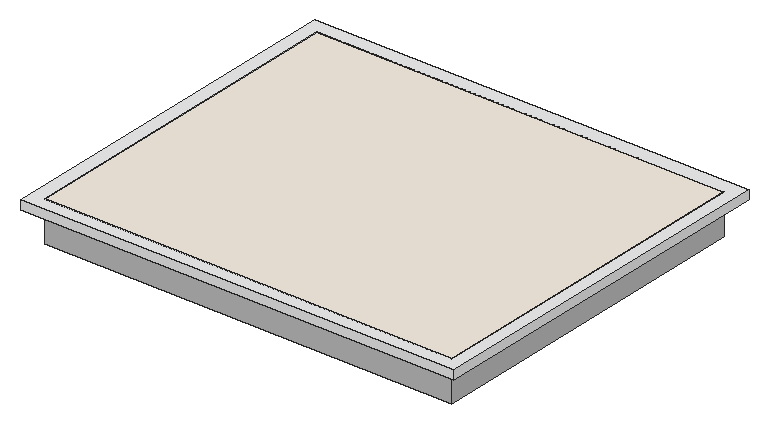
Revit family "Lighting-Industriale-GEWISS-ELIA-HL-LED_RIFLETTORE", category Apparecchi per illuminazione, host Superficie, Revit 2019 (continued)
Types (12, lengths in mm): name | Tensione | Scheda Tecnica | Potenza di sistema | Peso (kg): | Peso (kg) | Ottica | built-in parameter 1150142 | Lumen output (lm) | Modello | IDT | File diagramma fotometrico | Description
    \n15676.76 15460.93 15242.31 15018.11 14788.35 14546.06 \r\n14289.84 14014.12 13723.09 13418.13 13103.43 12785.94 \r\n12471.23 12163.49 11859.92 11559.14 11262.54 10967.33 \r\n10672.12 10378.30 10091.45 9814.34 9541.41 9268.48 \r\n8999.73 8735.15 8476.15 8225.50 7983.20 7747.87 7516.72 \r\n7291.13 7068.33 6851.10 6636.66 6424.99 6211.94 6000.28 \r\n5788.62 5582.53 5377.84 5180.10 4986.54 4804.13 4627.28 \r\n4453.22 4283.33 4117.62 3957.49 3808.49 3665.06 3527.20 \r\n3394.92 3266.81 3144.27 3027.30 2914.50 2804.91 2699.64 \r\n2600.22 2504.13 2408.89 2316.84 2230.78 2147.79 2065.36 \r\n1984.31 1903.13 1824.73 1752.74 1684.65 1618.22 1554.87 \r\n1495.96 1439.85 1384.98 1331.93 1281.24 1232.78 1185.85 \r\n1141.01 1098.54 1058.44 1020.56 984.50 949.96 916.26 \r\n882.57 849.29 816.01 783.70 754.04 726.33 701.68 677.87 \r\n653.22 627.60 599.47 571.90 547.67 525.39 504.64 485.15 \r\n466.21 447.83 430.28 414.83 403.41 393.94 384.61 375.28 \r\n366.37 354.95 336.29 315.40 297.44 279.27 259.77 238.77 \r\n215.22 190.51 165.50 140.68 116.79 93.97 72.19 52.66 \r\n36.62 23.96 15.23 9.48 5.89 4.72 \r\n20514.31 20512.92 20504.56 20492.03 20472.54 20447.47 \r\n20416.84 20383.42 20345.82 20304.04 20256.70 20206.57 \r\n20152.26 20092.38 20029.72 19965.67 19896.04 19825.02 \r\n19751.22 19670.45 19589.69 19507.53 19422.59 19332.08 \r\n19237.39 19138.52 19034.08 18922.68 18807.10 18688.74 \r\n18564.81 18436.70 18305.81 18169.34 18030.09 17893.63 \r\n17755.77 17615.13 17471.70 17325.49 17175.10 17021.92 \r\n16861.78 16687.72 16502.52 16310.35 16108.44 15900.96 \r\n15687.90 15472.07 15252.05 15029.25 14798.10 14557.20 \r\n14300.98 14025.26 13734.23 13427.88 13115.96 12799.86 \r\n12485.16 12177.41 11872.46 11571.68 11273.68 10977.08 \r\n10681.87 10388.05 10099.80 9822.69 9549.76 9278.23 \r\n9008.08 8742.11 8483.11 8232.46 7988.77 7750.66 7519.50 \r\n7291.13 7068.33 6851.10 6635.26 6420.82 6210.55 5997.50 \r\n5787.23 5579.75 5376.44 5177.32 4985.15 4802.73 4625.89 \r\n4450.43 4280.55 4113.44 3954.70 3804.31 3663.67 3524.42 \r\n3392.13 3265.41 3141.48 3024.51 2911.72 2801.43 2695.46 \r\n2595.62 2499.12 2403.59 2311.55 2225.49 2142.64 2060.62 \r\n1980.00 1899.23 1821.53 1749.95 1682.00 1615.44 1552.22 \r\n1493.46 1437.48 1382.33 1329.00 1278.73 1230.27 1183.76 \r\n1139.07 1096.45 1056.21 1018.20 982.27 947.87 914.45 \r\n881.17 848.03 814.61 782.45 752.65 725.07 700.15 676.20 \r\n651.69 626.35 598.77 571.48 547.39 525.11 504.36 484.59 \r\n465.23 447.13 429.73 414.41 403.69 394.50 384.61 374.58 \r\n365.11 353.14 334.76 314.43 296.60 278.37 258.68 237.55 \r\n214.31 189.98 165.11 140.36 116.59 93.84 72.01 52.43 \r\n36.48 23.91 15.22 9.51 5.92 4.74 \r\n20514.31 20512.92 20504.56 20492.03 20472.54 20447.47 \r\n20416.84 20384.81 20345.82 20304.04 20259.48 20207.96 \r\n20153.65 20093.78 20031.11 19965.67 19898.83 19827.81 \r\n19754.01 19676.03 19593.87 19511.71 19426.77 19336.26 \r\n19241.56 19142.70 19038.26 18926.86 18811.28 18692.92 \r\n18567.60 18442.27 18311.38 18174.91 18037.05 17900.59 \r\n17762.73 17622.09 17478.66 17332.45 17183.45 17031.67 \r\n16870.14 16696.08 16510.87 16318.71 16119.58 15912.10 \r\n15700.44 15484.60 15265.98 15040.39 14810.63 14569.73 \r\n14312.11 14036.40 13745.37 13441.80 13128.49 12813.79 \r\n12501.86 12192.73 11887.77 11584.21 11283.43 10986.83 \r\n10691.61 10399.19 10109.55 9832.44 9559.51 9286.58 \r\n9017.83 8751.86 8491.47 8239.42 7992.95 7754.83 7520.89 \r\n7292.52 7068.33 6848.32 6632.48 6419.43 6206.37 5996.11 \r\n5785.84 5578.36 5373.66 5175.92 4983.76 4801.34 4624.49 \r\n4450.43 4279.15 4113.44 3953.31 3804.31 3660.88 3523.03 \r\n3390.74 3264.02 3140.09 3021.73 2908.93 2798.93 2692.40 \r\n2591.72 2494.80 2399.00 2306.82 2220.90 2138.18 2056.58 \r\n1976.24 1896.17 1819.16 1747.87 1679.91 1613.49 1550.13 \r\n1491.51 1435.53 1380.25 1326.91 1276.64 1228.60 1182.09 \r\n1137.67 1095.06 1054.40 1016.53 980.46 946.20 913.06 \r\n880.06 847.34 813.92 781.47 751.81 723.96 698.90 674.67 \r\n650.16 625.23 598.08 571.34 547.53 525.11 504.09 484.17 \r\n464.68 446.30 429.31 414.41 403.96 394.77 384.47 373.89 \r\n363.72 351.33 333.23 313.31 295.63 277.30 257.43 236.14 \r\n213.25 189.34 164.61 139.92 116.25 93.56 71.70 52.11 \r\n36.27 23.83 15.20 9.52 5.94 4.75 \r\n20514.31 20512.92 20505.95 20492.03 20473.93 20448.86 \r\n20418.23 20384.81 20348.60 20306.83 20259.48 20209.35 \r\n20155.05 20096.56 20033.90 19968.45 19901.61 19831.99 \r\n19756.79 19678.81 19599.44 19517.28 19430.95 19340.43 \r\n19245.74 19146.88 19041.05 18929.65 18815.46 18697.10 \r\n18573.17 18446.45 18316.95 18181.87 18044.01 17907.55 \r\n17771.09 17630.44 17488.41 17342.20 17193.20 17040.02 \r\n16881.28 16705.82 16522.01 16331.24 16132.11 15924.63 \r\n15714.36 15498.53 15278.51 15054.32 14823.16 14580.87 \r\n14326.04 14048.93 13759.29 13455.73 13143.81 12830.50 \r\n12517.18 12209.44 11901.70 11596.74 11295.96 10997.97 \r\n10702.76 10407.55 10119.30 9842.19 9570.65 9296.33 \r\n9026.19 8760.22 8499.82 8246.39 7999.91 7759.01 7523.68 \r\n7292.52 7066.94 6846.92 6628.30 6415.25 6203.59 5991.93 \r\n5783.05 5575.57 5373.66 5174.53 4982.37 4801.34 4624.49 \r\n4451.82 4280.55 4112.05 3953.31 3804.31 3660.88 3523.03 \r\n3390.74 3262.63 3140.09 3020.33 2906.15 2796.14 2690.03 \r\n2588.80 2491.18 2395.10 2302.78 2217.00 2134.56 2052.96 \r\n1972.89 1893.80 1817.49 1746.33 1678.66 1612.24 1549.02 \r\n1490.25 1434.28 1378.71 1325.24 1275.11 1227.21 1181.12 \r\n1136.98 1094.09 1053.29 1015.13 978.93 944.81 911.81 \r\n879.22 846.78 813.50 781.05 751.25 723.40 697.78 673.27 \r\n648.77 623.98 597.38 571.34 547.67 525.53 504.22 484.03 \r\n464.26 445.60 428.61 414.27 404.10 395.33 384.61 373.19 \r\n362.19 349.38 331.55 312.20 294.51 276.20 256.03 234.58 \r\n212.05 188.59 163.99 139.38 115.76 93.13 71.28 51.72 \r\n36.01 23.71 15.16 9.52 5.96 4.76 \r\n20514.31 20512.92 20505.95 20492.03 20473.93 20448.86 \r\n20419.62 20386.20 20348.60 20306.83 20262.27 20212.14 \r\n20156.44 20096.56 20036.68 19972.63 19905.79 19836.16 \r\n19760.97 19685.77 19603.62 19521.46 19435.12 19344.61 \r\n19249.92 19149.66 19045.22 18935.22 18819.64 18701.28 \r\n18578.74 18452.02 18323.91 18188.84 18052.37 17917.30 \r\n17779.44 17640.19 17498.15 17351.94 17202.95 17049.77 \r\n16891.03 16715.57 16533.15 16342.38 16146.04 15939.95 \r\n15728.29 15513.84 15292.44 15068.24 14837.09 14594.79 \r\n14338.57 14062.86 13773.22 13469.65 13159.13 12847.21 \r\n12535.29 12224.76 11915.62 11609.27 11305.71 11006.32 \r\n10711.11 10418.69 10130.44 9853.33 9579.01 9304.69 \r\n9034.54 8769.97 8509.57 8254.74 8005.48 7761.80 7525.07 \r\n7292.52 7065.55 6842.74 6625.52 6411.07 6199.41 5990.53 \r\n5781.66 5574.18 5372.27 5173.14 4980.97 4801.34 4625.89 \r\n4451.82 4279.15 4113.44 3953.31 3804.31 3662.28 3524.42 \r\n3392.13 3264.02 3140.09 3020.33 2906.15 2794.75 2688.78 \r\n2586.71 2488.40 2392.04 2299.71 2213.80 2131.50 2050.04 \r\n1970.39 1891.85 1816.38 1745.50 1677.82 1611.54 1548.18 \r\n1489.56 1433.44 1377.74 1324.27 1274.14 1226.37 1180.56 \r\n1136.56 1093.53 1052.59 1014.02 977.95 943.84 910.83 \r\n878.53 846.36 813.36 780.91 751.11 722.99 697.09 672.16 \r\n647.51 622.87 596.96 571.48 548.23 526.09 504.50 483.75 \r\n463.70 444.90 428.19 414.27 404.38 395.47 384.61 372.63 \r\n360.80 347.29 329.74 310.81 293.26 274.94 254.51 232.90 \r\n210.74 187.72 163.28 138.71 115.16 92.57 70.75 51.26 \r\n35.72 23.58 15.11 9.51 5.97 4.78 \r\n20514.31 20512.92 20505.95 20492.03 20473.93 20450.26 \r\n20421.01 20387.59 20351.39 20309.61 20263.66 20212.14 \r\n20156.44 20099.35 20038.08 19975.41 19909.97 19840.34 \r\n19766.54 19689.95 19609.19 19527.03 19440.69 19348.79 \r\n19252.70 19153.84 19048.01 18938.00 18823.81 18705.45 \r\n18585.70 18460.37 18330.87 18195.80 18060.73 17925.65 \r\n17789.19 17649.94 17506.51 17361.69 17212.69 17060.91 \r\n16899.38 16726.71 16544.29 16354.91 16158.57 15953.87 \r\n15743.60 15527.77 15306.36 15083.56 14851.01 14610.11 \r\n14353.89 14078.18 13788.54 13486.36 13177.23 12866.70 \r\n12554.78 12241.47 11932.33 11621.81 11315.46 11016.07 \r\n10720.86 10428.43 10140.19 9863.08 9588.76 9315.83 \r\n9044.29 8779.71 8519.32 8261.70 8012.44 7767.36 7527.86 \r\n7292.52 7064.15 6839.96 6621.34 6406.89 6195.23 5986.36 \r\n5778.88 5572.78 5369.48 5171.74 4980.97 4801.34 4627.28 \r\n4453.22 4281.94 4114.84 3954.70 3804.31 3662.28 3524.42 \r\n3393.52 3264.02 3140.09 3020.33 2906.15 2796.14 2688.08 \r\n2585.45 2486.31 2389.81 2297.35 2211.43 2128.99 2047.67 \r\n1968.16 1890.60 1815.68 1745.22 1677.41 1611.40 1548.04 \r\n1489.28 1433.02 1377.18 1323.57 1273.44 1225.96 1180.56 \r\n1136.56 1093.53 1052.03 1013.46 977.12 942.86 910.00 \r\n878.11 846.22 813.36 781.19 751.39 722.99 696.53 670.91 \r\n646.26 621.75 596.55 571.90 548.92 526.78 504.92 483.89 \r\n463.28 444.35 427.92 414.13 404.66 395.75 384.47 371.94 \r\n359.27 345.34 328.07 309.55 292.01 273.65 252.89 231.09 \r\n209.31 186.73 162.45 137.94 114.44 91.91 70.15 50.76 \r\n35.38 23.42 15.04 9.48 5.98 4.79 \r\n20514.31 20512.92 20505.95 20492.03 20473.93 20450.26 \r\n20421.01 20387.59 20351.39 20311.01 20266.45 20213.53 \r\n20159.22 20103.52 20042.25 19979.59 19914.14 19844.52 \r\n19772.11 19695.52 19616.15 19532.60 19444.87 19354.36 \r\n19258.28 19158.01 19052.19 18943.57 18827.99 18711.02 \r\n18589.88 18467.34 18337.83 18204.15 18069.08 17935.40 \r\n17798.94 17658.29 17516.26 17371.44 17223.83 17070.66 \r\n16910.52 16737.85 16554.04 16367.45 16172.50 15969.19 \r\n15758.92 15543.09 15323.07 15097.49 14866.33 14625.43 \r\n14369.21 14093.49 13803.85 13503.07 13193.94 12884.80 \r\n12572.88 12259.57 11946.26 11634.34 11326.60 11025.82 \r\n10729.21 10436.79 10149.93 9872.83 9599.90 9325.57 \r\n9052.64 8788.07 8527.67 8268.66 8016.62 7770.15 7527.86 \r\n7292.52 7061.37 6835.78 6615.77 6402.72 6191.06 5982.18 \r\n5776.09 5571.39 5368.09 5170.35 4979.58 4801.34 4627.28 \r\n4453.22 4283.33 4116.23 3956.09 3805.70 3663.67 3527.20 \r\n3394.92 3266.81 3140.09 3020.33 2906.15 2795.44 2688.22 \r\n2584.90 2485.06 2388.28 2295.95 2209.76 2127.18 2045.86 \r\n1966.63 1889.76 1815.68 1745.36 1677.68 1611.54 1548.32 \r\n1489.42 1433.02 1377.04 1323.43 1273.44 1225.96 1180.70 \r\n1136.98 1093.81 1052.17 1013.18 976.56 942.30 909.58 \r\n877.69 846.22 813.64 781.61 751.81 723.26 696.11 670.07 \r\n645.01 620.78 596.13 572.18 549.62 527.48 505.34 483.89 \r\n463.01 444.07 427.64 413.99 404.66 396.03 384.33 371.24 \r\n357.87 343.25 326.26 308.16 290.61 272.22 251.15 229.19 \r\n207.79 185.65 161.50 137.05 113.60 91.11 69.47 50.21 \r\n35.04 23.26 14.96 9.46 5.98 4.80 \r\n20514.31 20512.92 20505.95 20493.42 20475.32 20450.26 \r\n20421.01 20388.99 20354.17 20313.79 20266.45 20216.31 \r\n20162.01 20104.92 20045.04 19983.77 19918.32 19848.70 \r\n19776.28 19701.09 19621.72 19538.17 19450.44 19358.53 \r\n19262.45 19162.19 19056.36 18946.35 18833.56 18716.59 \r\n18596.84 18471.51 18344.80 18213.90 18077.44 17943.76 \r\n17808.68 17668.04 17526.01 17381.19 17233.58 17081.80 \r\n16921.66 16747.60 16566.57 16381.37 16186.42 15984.51 \r\n15774.24 15558.40 15338.39 15114.20 14880.25 14639.35 \r\n14384.53 14110.20 13820.56 13519.78 13210.65 12902.91 \r\n12592.38 12276.28 11961.58 11645.48 11334.95 11034.17 \r\n10736.18 10445.14 10158.29 9882.57 9608.25 9333.93 \r\n9062.39 8796.42 8534.63 8275.63 8022.19 7771.54 7529.25 \r\n7291.13 7058.58 6833.00 6611.59 6395.75 6185.49 5978.00 \r\n5773.31 5568.61 5365.30 5168.96 4979.58 4801.34 4628.67 \r\n4456.00 4284.72 4119.02 3958.88 3809.88 3666.45 3528.60 \r\n3397.70 3268.20 3142.87 3023.12 2907.54 2795.86 2689.06 \r\n2584.90 2484.64 2387.58 2295.12 2208.78 2126.07 2044.61 \r\n1965.65 1889.48 1815.96 1745.78 1678.24 1612.10 1549.02 \r\n1489.98 1433.44 1377.46 1323.71 1273.72 1226.37 1181.12 \r\n1137.67 1094.37 1052.45 1013.18 976.28 941.89 909.16 \r\n877.55 846.22 814.06 782.31 752.37 723.68 695.97 669.10 \r\n644.03 619.80 595.85 572.60 550.32 528.45 506.03 484.17 \r\n462.87 443.51 427.36 413.99 404.66 396.17 384.05 370.41 \r\n356.34 341.30 324.31 306.63 289.14 270.65 249.35 227.26 \r\n206.16 184.46 160.44 136.06 112.65 90.23 68.73 49.64 \r\n34.67 23.08 14.88 9.42 5.98 4.80 \r\n20514.31 20512.92 20504.56 20493.42 20475.32 20451.65 \r\n20422.40 20391.77 20355.56 20313.79 20267.84 20217.71 \r\n20164.79 20107.70 20049.22 19987.95 19922.50 19854.26 \r\n19780.46 19706.66 19627.29 19542.35 19454.62 19362.71 \r\n19266.63 19164.98 19060.54 18950.53 18839.13 18723.56 \r\n18602.41 18479.87 18353.15 18220.86 18087.18 17954.90 \r\n17818.43 17679.18 17535.75 17392.33 17244.72 17091.55 \r\n16932.80 16760.13 16579.10 16393.90 16201.74 15998.43 \r\n15789.56 15575.11 15353.70 15129.51 14895.57 14654.67 \r\n14399.84 14125.52 13837.27 13537.89 13230.14 12922.40 \r\n12611.87 12294.38 11974.11 11656.62 11343.31 11041.13 \r\n10743.14 10452.11 10166.64 9889.54 9616.61 9340.89 \r\n9067.96 8803.39 8542.99 8282.59 8026.37 7774.33 7529.25 \r\n7291.13 7055.80 6828.82 6606.02 6390.18 6179.92 5972.43 \r\n5769.13 5564.43 5363.91 5167.57 4978.19 4801.34 4630.06 \r\n4457.39 4287.51 4120.41 3961.66 3811.27 3669.24 3531.38 \r\n3400.49 3269.59 3145.66 3024.51 2908.93 2798.37 2690.45 \r\n2585.73 2484.78 2387.58 2295.26 2208.51 2125.65 2044.05 \r\n1965.24 1889.48 1816.93 1746.75 1678.94 1613.07 1549.85 \r\n1490.67 1434.00 1377.88 1324.27 1274.28 1226.79 1181.95 \r\n1138.37 1095.06 1053.15 1013.46 976.14 941.47 908.75 \r\n877.41 846.36 814.47 783.14 753.20 724.24 695.83 668.54 \r\n643.06 619.11 595.71 573.01 551.15 529.15 506.59 484.17 \r\n462.73 443.23 427.08 413.85 404.66 396.03 383.63 369.71 \r\n354.95 339.21 322.64 305.10 287.68 268.99 247.49 225.26 \r\n204.49 183.14 159.27 134.96 111.64 89.29 67.95 49.06 \r\n34.31 22.91 14.80 9.38 5.97 4.81 \r\n20514.31 20512.92 20504.56 20493.42 20475.32 20451.65 \r\n20422.40 20391.77 20356.96 20315.18 20270.62 20220.49 \r\n20166.19 20110.49 20052.00 19990.73 19925.28 19857.05 \r\n19786.03 19710.84 19631.47 19547.92 19460.19 19366.89 \r\n19272.20 19170.55 19064.72 18956.10 18843.31 18729.13 \r\n18609.37 18486.83 18360.11 18230.61 18096.93 17963.25 \r\n17828.18 17688.93 17545.50 17402.07 17254.47 17102.69 \r\n16942.55 16771.27 16590.25 16407.83 16215.66 16013.75 \r\n15804.88 15590.43 15370.42 15144.83 14910.89 14669.99 \r\n14416.55 14142.23 13855.38 13554.60 13248.25 12940.50 \r\n12629.98 12311.09 11989.43 11669.15 11351.66 11048.09 \r\n10750.10 10459.07 10175.00 9896.50 9622.18 9346.46 \r\n9074.92 8810.35 8547.16 8286.77 8029.16 7775.72 7529.25 \r\n7288.35 7053.01 6823.25 6600.45 6384.61 6174.35 5968.26 \r\n5766.34 5561.64 5361.13 5166.18 4978.19 4801.34 4631.46 \r\n4458.78 4288.90 4121.80 3963.06 3814.06 3672.02 3534.17 \r\n3401.88 3272.38 3147.05 3027.30 2910.33 2800.32 2692.40 \r\n2587.27 2485.75 2388.56 2295.95 2209.20 2125.93 2044.05 \r\n1965.10 1890.04 1817.91 1747.87 1680.05 1614.19 1551.11 \r\n1491.79 1434.83 1378.71 1325.10 1274.97 1227.63 1182.79 \r\n1139.34 1095.90 1053.84 1013.88 976.14 941.47 908.61 \r\n877.14 846.36 815.03 783.98 754.18 724.94 695.83 667.98 \r\n642.36 618.13 595.43 573.57 551.71 529.99 507.15 484.45 \r\n462.73 442.95 426.80 413.71 404.52 395.75 383.22 368.87 \r\n353.56 337.40 320.69 303.70 286.10 267.28 245.58 223.25 \r\n202.73 181.74 158.01 133.78 110.51 88.26 67.13 48.49 \r\n33.98 22.74 14.71 9.33 5.96 4.81 \r\n20514.31 20512.92 20504.56 20493.42 20475.32 20451.65 \r\n20423.80 20393.16 20358.35 20317.97 20272.01 20221.89 \r\n20167.58 20111.88 20053.39 19993.51 19928.07 19859.84 \r\n19788.82 19713.62 19634.25 19550.70 19462.97 19369.67 \r\n19274.99 19173.33 19068.90 18960.28 18848.88 18733.30 \r\n18614.94 18493.79 18367.08 18237.57 18103.89 17971.60 \r\n17835.14 17695.89 17553.85 17409.03 17261.43 17109.65 \r\n16950.90 16781.02 16599.99 16417.58 16226.80 16026.28 \r\n15816.01 15602.96 15382.95 15157.36 14924.82 14685.31 \r\n14430.48 14158.94 13872.09 13572.70 13264.96 12957.21 \r\n12643.90 12322.23 11999.17 11674.72 11355.84 11048.09 \r\n10751.49 10459.07 10175.00 9896.50 9622.18 9346.46 \r\n9073.53 8807.56 8545.77 8283.98 8024.98 7771.54 7523.68 \r\n7282.78 7048.84 6817.68 6593.49 6376.26 6164.60 5959.90 \r\n5757.99 5554.68 5355.56 5162.00 4975.40 4798.56 4628.67 \r\n4456.00 4288.90 4124.59 3965.84 3816.84 3673.42 3536.95 \r\n3406.06 3276.55 3151.23 3031.47 2915.90 2804.36 2697.13 \r\n2592.14 2491.18 2394.26 2301.66 2213.94 2129.83 2047.25 \r\n1967.88 1892.41 1820.28 1749.95 1682.00 1615.86 1552.64 \r\n1493.18 1436.09 1380.25 1326.63 1276.50 1229.02 1184.04 \r\n1140.46 1097.15 1055.10 1014.85 976.98 941.89 908.61 \r\n876.86 846.08 815.31 785.09 755.15 725.77 696.25 667.84 \r\n642.22 618.27 595.57 573.71 552.13 530.26 507.43 484.87 \r\n463.15 443.23 426.80 413.29 403.83 394.77 3
